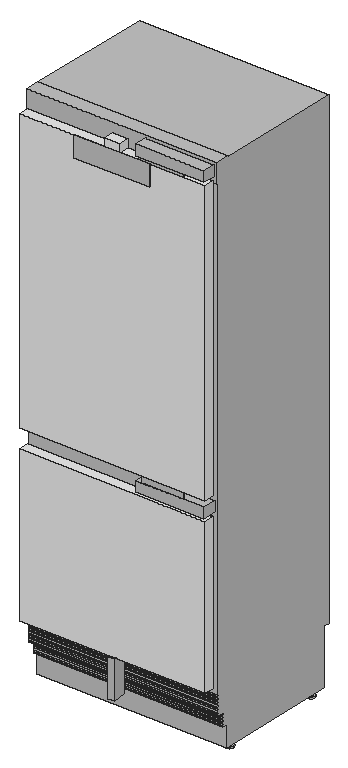
Revit family "FP_Revit_18_RS3084WRUK1_Fridge_90001084A", category Specialty Equipment, Revit 2018 (continued)
Definition of nested family "Handle Professional Square - Horizontal"
  Lines and regions (mm)
    sketch lines
      curve 11: arc (-293, -40, -17.5) -> (-290.071, -47.071, -17.5) -> (-283, -50, -17.5) r 10
      curve 12: line (-243, -50, -17.5) -> (-283, -50, -17.5)
  Dimensions and locks
    equal spacing: plane 4 "Product LHS", plane 3 "Center (Left/Right)", plane 5 "Product RHS"
    "Handle - Length": plane 4 "Product LHS" to plane 5 "Product RHS"
    plane 4 "Product LHS" to plane 6 "LHS Standoff" = 50 mm
    plane 7 "RHS Standoff" to plane 5 "Product RHS" = 50 mm
    aligned and locked: level to plane 2
    aligned and locked: plane 5 "Product RHS" to Extrusion 1 sketch curve
    aligned and locked: Extrusion 1 sketch curve to plane 1 "Center (Front/Back)"
    aligned and locked: plane 1 "Center (Front/Back)" to Extrusion 1 sketch curve
    aligned and locked: Extrusion 1 sketch curve to plane 6 "LHS Standoff"
    aligned and locked: Extrusion 1 sketch curve to plane 7 "RHS Standoff"
    aligned and locked: plane 7 "RHS Standoff" to Extrusion 2
    aligned and locked: Extrusion 2 to plane 6 "LHS Standoff"
    aligned and locked: plane 5 "Product RHS" to Extrusion 7 sketch curve
    aligned and locked: Extrusion 7 sketch curve to plane 7 "RHS Standoff"
    aligned and locked: plane 6 "LHS Standoff" to Extrusion 7 sketch curve
    aligned and locked: plane 4 "Product LHS" to Extrusion 7 sketch curve
    aligned and locked: Extrusion 7 sketch curve to plane 1 "Center (Front/Back)"
    aligned and locked: plane 1 "Center (Front/Back)" to Extrusion 7 sketch curve
  Automatic sketch dimensions
    Extrusion 1 sketch curve to plane 4 "Product LHS" = 0 mm
    Extrusion 1 sketch curve to plane 4 "Product LHS" = 10 mm
    plane 5 "Product RHS" to Extrusion 1 sketch curve = 10 mm
    Extrusion 1 sketch curve to Extrusion 1 sketch curve = 40 mm  (x2)
    level to Extrusion 2 sketch curve = 0 mm
    plane 1 "Center (Front/Back)" to Extrusion 2 sketch curve = 61.313 mm
    Extrusion 2 sketch curve to Extrusion 2 sketch curve = 13.513 mm
    Extrusion 2 sketch curve to Extrusion 2 sketch curve = 1.328 mm  (x4)
    Extrusion 2 sketch curve to Extrusion 2 sketch curve = 9.684 mm  (x2)
    Extrusion 2 sketch curve to Extrusion 2 sketch curve = 14.172 mm
    Sweep 3 sketch curve to profile plane = 0 mm  (x2)
    Sweep 3 sketch curve to profile plane = 2.5 mm  (x2)
    Sweep 4 sketch curve to profile plane = 0 mm  (x2)
    Sweep 4 sketch curve to profile plane = 2.5 mm  (x2)
    profile plane to Sweep 5 sketch curve = 0 mm
    Sweep 5 sketch curve to profile plane = 0 mm
    Sweep 5 sketch curve to profile plane = 2.5 mm  (x2)
    profile plane to Sweep 6 sketch curve = 0 mm
    Sweep 6 sketch curve to profile plane = 0 mm
    Sweep 6 sketch curve to profile plane = 2.5 mm  (x2)
    Extrusion 7 sketch curve to plane 4 "Product LHS" = 10 mm
    plane 5 "Product RHS" to Extrusion 7 sketch curve = 10 mm
    plane 1 "Center (Front/Back)" to Extrusion 7 sketch curve = 32 mm
    plane 1 "Center (Front/Back)" to Extrusion 7 sketch curve = 40 mm
Definition of nested family "Visibility Control Note 18"
  Types (3): name
    New
    Resolved
    Active
  Reference planes
    plane 1: y = 0
    plane 2: x = 0
  Text (mm)
    text "Edit Type: \nTo control handle kit \nand door panel visibility\n options\n\nDelete unwanted kits \nto reduce file size" at (-0.165, 35.556, 0)
Types (3, lengths in mm): name | Model
  (no name) | "RS3084WRUK1"
  RS3084WRUK1 | "RS3084WRUK1"
  RS3084WRU1 | "RS3084WRU1"
